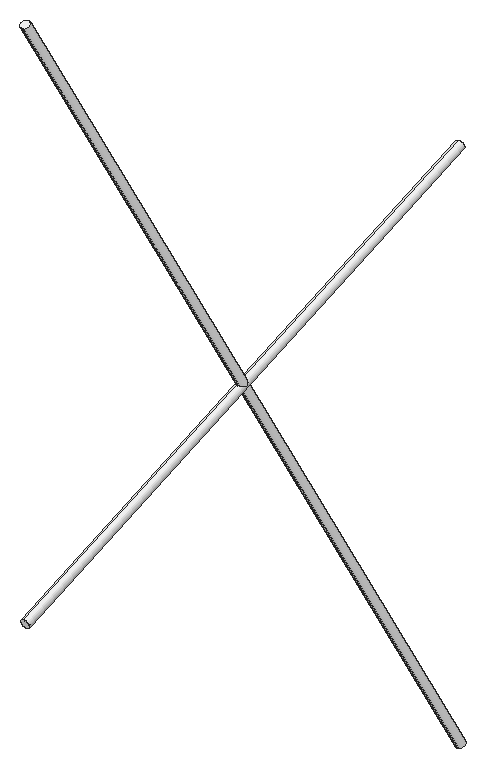
Revit family
Parameters (values of type "800mm Wide Panel 20mmV Gap")
  Wire Radius = 6 mm
  Width = 800 mm
  Vertical Gap = 20 mm
  built-in parameter 1008623 [instance] = (empty or 0)
  built-in parameter 1008625 [instance] = 32.47°
  Post = no
  built-in parameter 1008624 [instance] = (empty or 0)
  built-in parameter 1008622 [instance] = 750 mm
Reference planes
  plane 1 "Center (Front/Back)": y = 0
  plane 2: z = 0
  plane 3 "Center (Left/Right)": x = 0
  plane 4 "Top": z = 750
  plane 5 "Top Cut Angle": through (0, 339.699, 533.838) normal (0, -0.5369, -0.8437)
  plane 6 "Bottom Cut Angle": through (0, 0, 0) normal (0, -0.5369, -0.8437)
  plane 7 "Front": y = 400
  plane 8 "Back": y = -400
  plane 9: y = -380
  plane 10: y = 380
Forms (mm)
  Sweep 1, solid, material "Metal - Steel"
    path origin (0, 0, 0) x (0, 1, 0) y (0, 0, 1)
      loop
        line (-380, 241.807) -> (380, 508.193)
    profile origin (0, 117.059, 41.03) x (0, -0.330777, 0.943709) y (1, 0, 0)
      loop
        circle (353.891, 0) r 6
  Sweep 2, solid, material "Metal - Steel"
    path origin (0, 0, 0) x (0, 1, 0) y (0, 0, 1)
      loop
        line (-380, 991.807) -> (380, -241.807)
    profile origin (0, -167.467, 271.828) x (0, 0.851395, 0.524524) y (1, 0, 0)
      loop
        circle (196.697, 0) r 6
Text (mm)
  text "Baluster Panel Elevation" at (0, 774.199, 1016.929), in view "Left"
Dimensions and locks
  "built-in parameter 1008622": plane 2 to plane 4 "Top"
  equal spacing: plane 7 "Front", plane 1 "Center (Front/Back)", plane 8 "Back"
  "Width": plane 7 "Front" to plane 8 "Back"
  "Vertical Gap": plane 8 "Back" to plane 9
  "Vertical Gap": plane 10 to plane 7 "Front"
  "Wire Radius": radius of Sweep 1 sketch curve
  "Wire Radius": radius of Sweep 2 sketch curve
  "built-in parameter 1008625": angle plane 4 "Top" to plane 5 "Top Cut Angle"
  "built-in parameter 1008625": angle level to plane 6 "Bottom Cut Angle"
Automatic sketch dimensions
  Sweep 1 sketch curve to plane 6 "Bottom Cut Angle" = 0 mm
  Sweep 1 sketch curve to plane 9 = 0 mm
  Sweep 1 sketch curve to plane 5 "Top Cut Angle" = 0 mm
  Sweep 1 sketch curve to plane 10 = 0 mm
  Sweep 1 sketch curve to plane 3 "Center (Left/Right)" = 0 mm
  Sweep 1 sketch curve to profile plane = 0 mm
  Sweep 2 sketch curve to plane 5 "Top Cut Angle" = 0 mm
  Sweep 2 sketch curve to plane 9 = 0 mm
  Sweep 2 sketch curve to plane 6 "Bottom Cut Angle" = 0 mm
  Sweep 2 sketch curve to plane 10 = 0 mm
  Sweep 2 sketch curve to plane 3 "Center (Left/Right)" = 0 mm
  Sweep 2 sketch curve to profile plane = 0 mm
